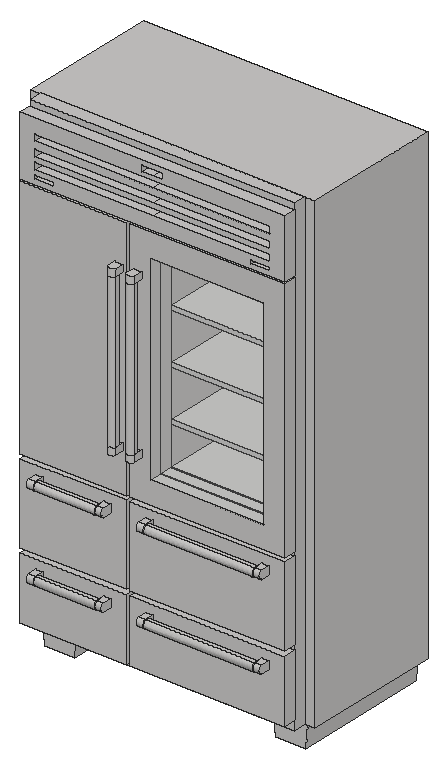
Revit family "PRO4850G", category Specialty Equipment, Revit 2017
Family settings
  Round Connector Dimension = Use Diameter
  Part Type = Normal
  Work Plane-Based = No
  Always vertical = Yes
  Cut with Voids When Loaded = No
  Shared = No
  Room Calculation Point = No
Parameters
  URL = "www.yepsketch.com"
  Model = "PRO4850G"
  AUTOR = "Yepsketch"
Reference planes
  plane 1 "Center (Front/Back)": y = 0
  plane 2: z = 0
  plane 3 "Center (Left/Right)": x = 0
  plane 4: x = 609.5
  plane 5: x = -609.5
  plane 6: y = 606
  plane 7: z = 2134
  plane 8: z = 775
  plane 9: z = 1845
  plane 10: y = -161
  plane 11: z = 102
  plane 12: x = -568.324
  plane 13: x = 568.324
Forms (mm)
  Extrusion 1, solid, material "stainlees steel"
    sketch origin (0, 0, 0) x (1, 0, 0) y (0, 1, 0)
      loop
        line (609.5, 606) -> (-609.5, 606) -> (-609.5, 0) -> (609.5, 0) -> (609.5, 606)
    from 102 to 2134
  Extrusion 2, solid, material "stainlees steel"
    sketch origin (0, 0, 0) x (0, 1, 0) y (0, 0, 1)
      loop
        line (0, 2134) -> (-55, 2134) -> (-55, 102) -> (0, 102) -> (0, 2134)
    from -568.324 to 568.324
  Extrusion 3, solid, material "stainlees steel"
    sketch origin (0, 0, 0) x (0, 1, 0) y (0, 0, 1)
      loop
        line (-55, 2109) -> (-110, 2109) -> (-110, 1854) -> (-55, 1854) -> (-55, 2109)
    from -568.324 to 568.324
  Extrusion 4, solid, material "stainlees steel"
    sketch origin (0, 0, 0) x (0, 1, 0) y (0, 0, 1)
      loop
        line (-55, 141.822) -> (-55, 411.822) -> (-110, 411.822) -> (-110, 141.822) -> (-55, 141.822)
    from -95.664 to 568.324
  Extrusion 5, solid, material "stainlees steel"
    sketch origin (0, 0, 290) x (0, 1, 0) y (0, 0, 1)
      loop
        line (-55, 141.822) -> (-55, 485) -> (-110, 485) -> (-110, 141.822) -> (-55, 141.822)
    from -95.664 to 568.324
  Extrusion 6, solid, material "stainlees steel"
    sketch origin (-680, 0, 0) x (0, 1, 0) y (0, 0, 1)
      loop
        line (-55, 141.822) -> (-55, 411.822) -> (-110, 411.822) -> (-110, 141.822) -> (-55, 141.822)
    from 111.676 to 568.324
  Extrusion 7, solid, material "stainlees steel"
    sketch origin (-680, 0, 290) x (0, 1, 0) y (0, 0, 1)
      loop
        line (-55, 141.822) -> (-55, 485) -> (-110, 485) -> (-110, 141.822) -> (-55, 141.822)
    from 111.676 to 568.324
  Extrusion 8, solid, material "stainlees steel"
    sketch origin (0, 0, 650) x (0, 1, 0) y (0, 0, 1)
      loop
        line (-55, 141.822) -> (-55, 1195) -> (-110, 1195) -> (-110, 141.822) -> (-55, 141.822)
    from -95.664 to 568.324
  Extrusion 9, solid, material "stainlees steel"
    sketch origin (-680, 0, 650) x (0, 1, 0) y (0, 0, 1)
      loop
        line (-55, 141.822) -> (-55, 1195) -> (-110, 1195) -> (-110, 141.822) -> (-55, 141.822)
    from 111.676 to 568.324
  Extrusion 10, solid, material "stainlees steel"
    sketch origin (0, 0, 0) x (1, 0, 0) y (0, 0, 1)
      loop
        line (568.324, 102) -> (420.476, 102) -> (429.4, 0) -> (559.4, 0) -> (568.324, 102)
    from -606 to -13.855
  Extrusion 11, solid, material "stainlees steel"
    sketch origin (-3.678, 0, 0) x (-1, 0, 0) y (0, 0, -1)
      loop
        line (568.324, -102) -> (559.4, 0) -> (429.4, 0) -> (420.476, -102) -> (568.324, -102)
    from -606 to -13.855
  Extrusion 12, solid, material "stainlees steel"
    sketch origin (0, 5.594, 0) x (0, 1, 0) y (0, 0, 1)
      loop
        line (-115.594, 336.822) -> (-115.594, 371.822) -> (-155, 371.822)
        arc (-155, 371.822) -> (-166.594, 354.322) -> (-155, 336.822) r 19.005
        line (-155, 336.822) -> (-115.594, 336.822)
    from 471.395 to 500.414
  Extrusion 13, solid, material "stainlees steel"
    sketch origin (0, 5.594, 365) x (0, 1, 0) y (0, 0, 1)
      loop
        line (-115.594, 336.822) -> (-115.594, 371.822) -> (-155, 371.822)
        arc (-155, 371.822) -> (-166.594, 354.322) -> (-155, 336.822) r 19.005
        line (-155, 336.822) -> (-115.594, 336.822)
    from 471.395 to 500.414
  Extrusion 14, solid, material "stainlees steel"
    sketch origin (472.66, 5.594, 365) x (0, 1, 0) y (0, 0, -1)
      loop
        line (-115.594, -336.822) -> (-155, -336.822)
        arc (-155, -336.822) -> (-166.594, -354.322) -> (-155, -371.822) r 19.005
        line (-155, -371.822) -> (-115.594, -371.822) -> (-115.594, -336.822)
    from 471.395 to 500.414
  Extrusion 15, solid, material "stainlees steel"
    sketch origin (-680, 5.594, 0) x (0, 1, 0) y (0, 0, 1)
      loop
        line (-115.594, 336.822) -> (-115.594, 371.822) -> (-155, 371.822)
        arc (-155, 371.822) -> (-166.594, 354.322) -> (-155, 336.822) r 19.005
        line (-155, 336.822) -> (-115.594, 336.822)
    from 471.395 to 500.414
  Extrusion 16, solid, material "stainlees steel"
    sketch origin (0, 5.594, 0) x (0, 1, 0) y (0, 0, -1)
      loop
        line (-115.594, -336.822) -> (-155, -336.822)
        arc (-155, -336.822) -> (-166.594, -354.322) -> (-155, -371.822) r 19.005
        line (-155, -371.822) -> (-115.594, -371.822) -> (-115.594, -336.822)
    from 471.395 to 500.414
  Extrusion 17, solid, material "stainlees steel"
    sketch origin (472.66, 5.594, 0) x (0, 1, 0) y (0, 0, -1)
      loop
        line (-115.594, -336.822) -> (-155, -336.822)
        arc (-155, -336.822) -> (-166.594, -354.322) -> (-155, -371.822) r 19.005
        line (-155, -371.822) -> (-115.594, -371.822) -> (-115.594, -336.822)
    from 471.395 to 500.414
  Extrusion 18, solid, material "stainlees steel"
    sketch origin (-680, 5.594, 365) x (0, 1, 0) y (0, 0, 1)
      loop
        line (-115.594, 336.822) -> (-115.594, 371.822) -> (-155, 371.822)
        arc (-155, 371.822) -> (-166.594, 354.322) -> (-155, 336.822) r 19.005
        line (-155, 336.822) -> (-115.594, 336.822)
    from 471.395 to 500.414
  Extrusion 19, solid, material "stainlees steel"
    sketch origin (0, 5.594, 365) x (0, 1, 0) y (0, 0, -1)
      loop
        line (-115.594, -336.822) -> (-155, -336.822)
        arc (-155, -336.822) -> (-166.594, -354.322) -> (-155, -371.822) r 19.005
        line (-155, -371.822) -> (-115.594, -371.822) -> (-115.594, -336.822)
    from 471.395 to 500.414
  Extrusion 20, solid, material "stainlees steel"
    sketch origin (0, 5.594, 0) x (0, 1, 0) y (0, 0, 1)
      loop
        arc (-155, 371.822) -> (-166.594, 354.322) -> (-155, 336.822) r 19.005
        line (-155, 336.822) -> (-140.178, 336.822) -> (-140.178, 371.822) -> (-155, 371.822)
    from 1.265 to 471.395
  Extrusion 21, solid, material "stainlees steel"
    sketch origin (0, 5.594, 365) x (0, 1, 0) y (0, 0, 1)
      loop
        arc (-155, 371.822) -> (-166.594, 354.322) -> (-155, 336.822) r 19.005
        line (-155, 336.822) -> (-140.178, 336.822) -> (-140.178, 371.822) -> (-155, 371.822)
    from 1.265 to 471.395
  Extrusion 22, solid, material "stainlees steel"
    sketch origin (-680, 5.594, 365) x (0, 1, 0) y (0, 0, 1)
      loop
        arc (-155, 371.822) -> (-166.594, 354.322) -> (-155, 336.822) r 19.005
        line (-155, 336.822) -> (-140.178, 336.822) -> (-140.178, 371.822) -> (-155, 371.822)
    from 208.605 to 471.395
  Extrusion 23, solid, material "stainlees steel"
    sketch origin (-680, 5.594, 0) x (0, 1, 0) y (0, 0, 1)
      loop
        arc (-155, 371.822) -> (-166.594, 354.322) -> (-155, 336.822) r 19.005
        line (-155, 336.822) -> (-140.178, 336.822) -> (-140.178, 371.822) -> (-155, 371.822)
    from 208.605 to 471.395
  Extrusion 24, solid, material "stainlees steel"
    sketch origin (-417.971, 5.594, 1177.101) x (1, 0, 0) y (0, 1, 0)
      loop
        line (336.822, -115.594) -> (336.822, -155)
        arc (336.822, -155) -> (354.322, -166.594) -> (371.822, -155) r 19.005
        line (371.822, -155) -> (371.822, -115.594) -> (336.822, -115.594)
    from 471.395 to 500.414
  Extrusion 25, solid, material "stainlees steel"
    sketch origin (-417.971, 5.594, 489.441) x (0, 1, 0) y (-1, 0, 0)
      loop
        line (-115.594, -336.822) -> (-155, -336.822)
        arc (-155, -336.822) -> (-166.594, -354.322) -> (-155, -371.822) r 19.005
        line (-155, -371.822) -> (-115.594, -371.822) -> (-115.594, -336.822)
    from 471.395 to 500.414
  Extrusion 26, solid, material "stainlees steel"
    sketch origin (-417.971, 5.594, 1177.101) x (1, 0, 0) y (0, 1, 0)
      loop
        line (371.822, -155) -> (371.822, -140.178) -> (336.822, -140.178) -> (336.822, -155)
        arc (336.822, -155) -> (354.322, -166.594) -> (371.822, -155) r 19.005
    from -187.245 to 471.395
  Extrusion 27, solid, material "stainlees steel"
    sketch origin (210.631, 5.594, 1177.101) x (1, 0, 0) y (0, 1, 0)
      loop
        line (-336.822, -115.594) -> (-371.822, -115.594) -> (-371.822, -155)
        arc (-371.822, -155) -> (-354.322, -166.594) -> (-336.822, -155) r 19.005
        line (-336.822, -155) -> (-336.822, -115.594)
    from 471.395 to 500.414
  Extrusion 28, solid, material "stainlees steel"
    sketch origin (210.631, 5.594, 489.441) x (0, 1, 0) y (-1, 0, 0)
      loop
        line (-115.594, 336.822) -> (-115.594, 371.822) -> (-155, 371.822)
        arc (-155, 371.822) -> (-166.594, 354.322) -> (-155, 336.822) r 19.005
        line (-155, 336.822) -> (-115.594, 336.822)
    from 471.395 to 500.414
  Extrusion 29, solid, material "stainlees steel"
    sketch origin (210.631, 5.594, 1177.101) x (1, 0, 0) y (0, 1, 0)
      loop
        arc (-371.822, -155) -> (-354.322, -166.594) -> (-336.822, -155) r 19.005
        line (-336.822, -155) -> (-336.822, -140.178) -> (-371.822, -140.178) -> (-371.822, -155)
    from -187.245 to 471.395
  Extrusion 30, void
    sketch origin (0, 0, 0) x (1, 0, 0) y (0, 0, 1)
      loop
        line (0, 2089) -> (-45, 2089) -> (-45, 2064) -> (0, 2064) -> (45, 2064) -> (45, 2089) -> (0, 2089)
      loop
        line (0, 2049) -> (-505, 2049) -> (-505, 2019) -> (0, 2019) -> (505, 2019) -> (505, 2049) -> (0, 2049)
      loop
        line (0, 1989) -> (-505, 1989) -> (-505, 1959) -> (0, 1959) -> (505, 1959) -> (505, 1989) -> (0, 1989)
      loop
        line (0, 1939) -> (-505, 1939) -> (-505, 1909) -> (0, 1909) -> (505, 1909) -> (505, 1939) -> (0, 1939)
      loop
        line (424.553, 1890.625) -> (424.553, 1872.897) -> (505, 1872.897) -> (505, 1890.625) -> (424.553, 1890.625)
      loop
        line (-424.553, 1890.625) -> (-505, 1890.625) -> (-505, 1872.897) -> (-424.553, 1872.897) -> (-424.553, 1890.625)
    from 0 to 250
  Extrusion 31, void
    sketch origin (0, 0, 0) x (1, 0, 0) y (0, 0, 1)
      loop
        line (-9.057, 1744.072) -> (-9.057, 889.072) -> (480.943, 889.072) -> (480.943, 1744.072) -> (-9.057, 1744.072)
    from -569.359 to 110
  Extrusion 32, solid, material "glass 1"
    sketch origin (0, 0, 0) x (1, 0, 0) y (0, 0, 1)
      loop
        line (-9.057, 1744.072) -> (-9.057, 889.072) -> (480.943, 889.072) -> (480.943, 1744.072) -> (-9.057, 1744.072)
    from 55 to 110
  Extrusion 33, solid, material "stainlees steel"
    sketch origin (0, 0, 0) x (1, 0, 0) y (0, 0, 1)
      loop
        line (480.943, 1075.234) -> (-9.057, 1075.234) -> (-9.057, 1056.309) -> (480.943, 1056.309) -> (480.943, 1075.234)
    from -569.359 to 0
  Extrusion 34, solid, material "stainlees steel"
    sketch origin (0, 0, 220) x (1, 0, 0) y (0, 0, 1)
      loop
        line (480.943, 1075.234) -> (-9.057, 1075.234) -> (-9.057, 1056.309) -> (480.943, 1056.309) -> (480.943, 1075.234)
    from -569.359 to 0
  Extrusion 35, solid, material "stainlees steel"
    sketch origin (0, 0, 440) x (1, 0, 0) y (0, 0, 1)
      loop
        line (480.943, 1075.234) -> (-9.057, 1075.234) -> (-9.057, 1056.309) -> (480.943, 1056.309) -> (480.943, 1075.234)
    from -569.359 to 0
Cuts and joins
  Extrusion 30, Extrusion 31 cuts Extrusion 1
  Extrusion 30, Extrusion 31 cuts Extrusion 2
  Extrusion 30 cuts Extrusion 3
  Extrusion 31 cuts Extrusion 8
Lines and regions (mm)
  symbolic lines
    curve 1: line (-111.676, 0, 791.822) -> (-95.664, 0, 791.822)
Dimensions and locks
  plane 3 "Center (Left/Right)" to plane 4 = 609.5 mm
  plane 1 "Center (Front/Back)" to plane 6 = 606 mm
  plane 5 to plane 3 "Center (Left/Right)" = 609.5 mm
  plane 7 to level = 2134 mm
  plane 8 to level = 775 mm
  plane 9 to plane 8 = 1070 mm
  plane 10 to plane 6 = 767 mm
  plane 11 to level = 102 mm
  plane 4 to plane 5 = 1219 mm
  aligned and locked: level to plane 2
